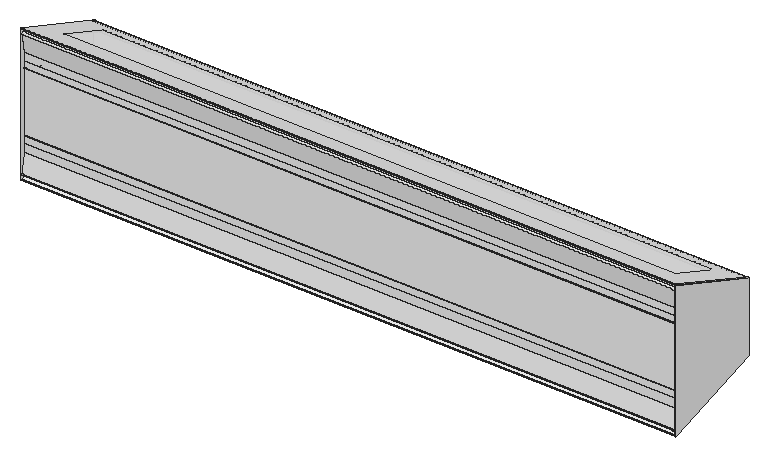
Revit family "VRW-3591", category Lighting Fixtures, host Wall, Revit 2019
Family settings
  Host = Wall
  Round Connector Dimension = Use Diameter
  Part Type = Normal
  OmniClass Number = 23.80.70.00
  OmniClass Title = Lighting
  Always vertical = Yes
  Cut with Voids When Loaded = No
  Light Source = Yes
  Shared = No
  Room Calculation Point = No
Parameters (values of type "VRW-3591-48-LED840K50LUNV-P48P13")
  Width = 0' - 10 1/2"
  Wattage = 44 W
  built-in parameter 1150110 = 1 (stored number, unit not read)
  Voltage = 120 V
  URL = "https://viscor.com/products/vrw-3591"
  built-in parameter 1114217 = 0.9 (stored number, unit not read)
  Tilt Angle = 0.00° - 180.00°  # -180.00°
  built-in parameter 1150109 = 1 (stored number, unit not read)
  built-in parameter 1150134 = 12
  built-in parameter 1150113 = 1 (stored number, unit not read)
  Photometric Web File = "VRW-3591-48-LED840K50LUNV-P48P13.ies"
  Model = "VRW-3591"  # constant formula
  Manufacturer = "CERTOLUX by VISCOR"  # constant formula
  Lumens = 3740 lm
  built-in parameter 1150115 = 1 (stored number, unit not read)
  built-in parameter 1150105 = 297.62 (stored number, unit not read)
  built-in parameter 1150137 = (empty or 0)
  built-in parameter 1150139 = (empty or 0)
  Lens Finish = Polycarbonate - Viscor - Clear
  Length = 4' - 2 83/128"
  Lamp Wattage = 44 VA
  built-in parameter 1150112 = 1 (stored number, unit not read)
  built-in parameter 1150114 = 1 (stored number, unit not read)
  Lamp = "LED"  # constant formula
  built-in parameter 1150132 = (empty or 0)
  built-in parameter 1150102 = (empty or 0)
  built-in parameter 1150138 = (empty or 0)
  built-in parameter 1150107 = 4000 (stored number, unit not read)
  built-in parameter 1150106 = 2.9762 (stored number, unit not read)
  Housing Finish = Metal - Viscor - White
  Emit from Line Length = Length  # 4' - 2 83/128"
  built-in parameter 1150104 = 7.8968 (stored number, unit not read)
  Dimming Lamp Color Temperature Shift = <None>
  Description = "LED Vandal Resistant Wall Mount"  # constant formula
  Color Filter = 16777215
  built-in parameter 1114218 = 1 (stored number, unit not read)
  built-in parameter 1150133 = 10 (stored number, unit not read)
  Assembly Code = "D5020200"
  Apparent Load = Lamp Wattage  # 44 VA
Types (3): name | Wattage | Photometric Web File | Lumens | built-in parameter 1150105 | Lamp Wattage | built-in parameter 1150106 | Apparent Load
  (no name) | 44 W | "VRW-3591-48-LED840K50LUNV-P48P13.ies" | 3740 lm | 297.62 (stored number, unit not read) | 44 VA | 2.9762 (stored number, unit not read) | 44 VA
  VRW-3591-48-LED840K40LUNV-P48P13 | 36 W | "VRW-3591-48-LED840K40LUNV-P48P13.ies" | 3060 lm | 243.51 (stored number, unit not read) | 36 VA | 2.4351 (stored number, unit not read) | 36 VA
  VRW-3591-48-LED840K50LUNV-P48P13 | 44 W | "VRW-3591-48-LED840K50LUNV-P48P13.ies" | 3740 lm | 297.62 (stored number, unit not read) | 44 VA | 2.9762 (stored number, unit not read) | 44 VA
Reference planes (in)
  plane 1: y = 0
  plane 2 "Light Source Axis (F/B)": y = 7.03125
  plane 3 "Light Source Axis (L/R)": x = -1.43133
  plane 4 "Light Source Elevation": z = 77.7706
  plane 5: z = 83.0206
  plane 6: z = 72.5206
  plane 7: x = 23.89289
  plane 8: x = -26.75554
  plane 9: x = -26.68154
  plane 10: x = 23.81889
  plane 11: x = 22.19389
  plane 12: x = -25.05654
  plane 13: x = 22.44289
  plane 14: x = -25.30554
Forms (in)
  Extrusion 1, solid, material "Metal - Viscor - White" <- "Housing Finish"
    sketch origin (-1.43133, 0, 0) x (0, -1, 0) y (0, 0, 1)
      loop
        line (-3.11676, 82.76137) -> (-4.26723, 82.34263) -> (-4.25082, 82.29753) -> (-3.10034, 82.71627)
        arc (-3.10034, 82.71627) -> (-3.06193, 82.70949) -> (-3.04859, 82.67285) r 0.039
        line (-3.04859, 82.67285) -> (-3.29315, 81.28586) -> (-3.29315, 74.34428) -> (-3.04859, 72.9573)
        arc (-3.04859, 72.9573) -> (-3.06193, 72.92065) -> (-3.10034, 72.91388) r 0.039
        line (-3.10034, 72.91388) -> (-4.25082, 73.33262) -> (-4.26723, 73.28751) -> (-3.11676, 72.86878)
        arc (-3.11676, 72.86878) -> (-3.03108, 72.88388) -> (-3.00132, 72.96564) r 0.087
        line (-3.00132, 72.96564) -> (-3.24515, 74.34848) -> (-3.24515, 81.28166) -> (-3.00132, 82.66451)
        arc (-3.00132, 82.66451) -> (-3.03108, 82.74626) -> (-3.11676, 82.76137) r 0.087
    from -25.25022 to 25.25022
  Extrusion 2, solid, material "Metal - Viscor - White" <- "Housing Finish"
    sketch origin (-1.43133, 0, 0) x (0, -1, 0) y (0, 0, 1)
      loop
        line (-3, 72.56077) -> (-3, 82.98042) -> (-9.962, 80.44646) -> (-9.962, 75.09473) -> (-3, 72.56077)
    from 25.25022 to 25.32422
  Extrusion 3, solid, material "Metal - Viscor - White" <- "Housing Finish"
    sketch origin (-1.43133, 0, 0) x (0, -1, 0) y (0, 0, -1)
      loop
        line (-3, -72.56077) -> (-9.962, -75.09473) -> (-9.962, -80.44646) -> (-3, -82.98042) -> (-3, -72.56077)
    from 25.25022 to 25.32422
  Extrusion 4, solid, material "Metal - Viscor - White" <- "Housing Finish"
    sketch origin (-1.43133, 0, 0) x (0, -1, 0) y (0, 0, 1)
      loop
        line (-10, 80.44565) -> (-10, 75.19528)
        arc (-10, 75.19528) -> (-9.98011, 75.13219) -> (-9.92762, 75.09191) r 0.11
        line (-9.92762, 75.09191) -> (-3, 72.57047) -> (-2.97948, 72.62685) -> (-9.9071, 75.1483)
        arc (-9.9071, 75.1483) -> (-9.93096, 75.1666) -> (-9.94, 75.19528) r 0.05
        line (-9.94, 75.19528) -> (-9.94, 80.44565)
        arc (-9.94, 80.44565) -> (-9.93096, 80.47433) -> (-9.9071, 80.49264) r 0.05
        line (-9.9071, 80.49264) -> (-2.97948, 83.01408) -> (-3, 83.07047) -> (-9.92762, 80.54902)
        arc (-9.92762, 80.54902) -> (-9.98011, 80.50874) -> (-10, 80.44565) r 0.11
    from -25.25022 to 25.25022
  Extrusion 5, solid, material "Metal - Viscor - White" <- "Housing Finish"
    sketch origin (-1.43133, 0, 0) x (0, -1, 0) y (0, 0, 1)
      loop
        arc (-9.46531, 77.92952) -> (-9.51071, 77.86468) -> (-9.46531, 77.79984) r 0.069
        line (-9.46531, 77.79984) -> (-3.26337, 75.54252)
        arc (-3.26337, 75.54252) -> (-3.24477, 75.52824) -> (-3.23771, 75.50587) r 0.039
        line (-3.23771, 75.50587) -> (-3.23771, 75.03318) -> (-3.20646, 75.03318) -> (-3.20646, 75.50587)
        arc (-3.20646, 75.50587) -> (-3.21917, 75.54616) -> (-3.25269, 75.57188) r 0.07025
        line (-3.25269, 75.57188) -> (-9.45463, 77.8292)
        arc (-9.45463, 77.8292) -> (-9.47946, 77.86468) -> (-9.45463, 77.90015) r 0.03775
        line (-9.45463, 77.90015) -> (-3.25269, 80.15747)
        arc (-3.25269, 80.15747) -> (-3.21917, 80.18319) -> (-3.20646, 80.22349) r 0.07025
        line (-3.20646, 80.22349) -> (-3.20646, 80.69618) -> (-3.23771, 80.69618) -> (-3.23771, 80.22349)
        arc (-3.23771, 80.22349) -> (-3.24477, 80.20112) -> (-3.26337, 80.18684) r 0.039
        line (-3.26337, 80.18684) -> (-9.46531, 77.92952)
    from -25.25022 to 25.25022
  Extrusion 6, solid, material "Metal - Viscor - White" <- "Housing Finish"
    sketch origin (-1.43133, 0, 0) x (0, -1, 0) y (0, 0, 1)
      loop
        line (-5.17142, 79.49237) -> (-4.74237, 79.64853)
        arc (-4.74237, 79.64853) -> (-4.71279, 79.67123) -> (-4.70157, 79.70679) r 0.062
        line (-4.70157, 79.70679) -> (-4.70157, 81.16338) -> (-4.73282, 81.16338) -> (-4.73282, 79.70679)
        arc (-4.73282, 79.70679) -> (-4.73838, 79.68915) -> (-4.75306, 79.67789) r 0.03075
        line (-4.75306, 79.67789) -> (-5.18211, 79.52173) -> (-5.17142, 79.49237)
      loop
        line (-6.75856, 78.91469) -> (-6.76925, 78.94406) -> (-7.1983, 78.7879)
        arc (-7.1983, 78.7879) -> (-7.21678, 78.78709) -> (-7.23237, 78.79703) r 0.03075
        line (-7.23237, 78.79703) -> (-8.16865, 79.91284) -> (-8.19259, 79.89275) -> (-7.25631, 78.77694)
        arc (-7.25631, 78.77694) -> (-7.22486, 78.75691) -> (-7.18761, 78.75853) r 0.062
        line (-7.18761, 78.75853) -> (-6.75856, 78.91469)
    from -25.25022 to 25.25022
  Extrusion 7, solid, material "Metal - Viscor - White" <- "Housing Finish"
    sketch origin (-1.43133, 0, 0) x (0, -1, 0) y (0, 0, 1)
      loop
        arc (-7.18761, 76.97082) -> (-7.22486, 76.97245) -> (-7.25631, 76.95242) r 0.062
        line (-7.25631, 76.95242) -> (-8.19259, 75.83661) -> (-8.16865, 75.81652) -> (-7.23237, 76.93233)
        arc (-7.23237, 76.93233) -> (-7.21678, 76.94227) -> (-7.1983, 76.94146) r 0.03075
        line (-7.1983, 76.94146) -> (-6.76925, 76.7853) -> (-6.75856, 76.81466) -> (-7.18761, 76.97082)
      loop
        line (-4.74237, 76.08083) -> (-5.17142, 76.23699) -> (-5.18211, 76.20762) -> (-4.75306, 76.05146)
        arc (-4.75306, 76.05146) -> (-4.73838, 76.0402) -> (-4.73282, 76.02257) r 0.03075
        line (-4.73282, 76.02257) -> (-4.73282, 74.56598) -> (-4.70157, 74.56598) -> (-4.70157, 76.02257)
        arc (-4.70157, 76.02257) -> (-4.71279, 76.05813) -> (-4.74237, 76.08083) r 0.062
    from -25.25022 to 25.25022
  Extrusion 8, void
    sketch origin (-1.43133, 0, 0) x (0, -1, 0) y (0, 0, 1)
      loop
        line (-8.87308, 73.08324) -> (-5.11431, 73.08324) -> (-5.11431, 74.91723) -> (-8.87308, 74.91723) -> (-8.87308, 73.08324)
    from -23.62522 to 23.62522
  Extrusion 9, void
    sketch origin (-1.43133, 0, 155.54119) x (0, -1, 0) y (0, 0, 1)
      loop
        line (-8.87308, -73.08324) -> (-8.87308, -74.91723) -> (-5.11431, -74.91723) -> (-5.11431, -73.08324) -> (-8.87308, -73.08324)
    from -23.62522 to 23.62522
  Extrusion 10, solid, material "Polycarbonate - Viscor - Clear" <- "Lens Finish"
    sketch origin (-1.43133, 0, 0) x (0, -1, 0) y (0, 0, 1)
      loop
        line (-9.08064, 74.86877) -> (-4.85202, 73.32968) -> (-4.76652, 73.5646) -> (-8.99514, 75.1037) -> (-9.08064, 74.86877)
    from -24.28116 to 24.06867
  Extrusion 11, solid, material "Polycarbonate - Viscor - Clear" <- "Lens Finish"
    sketch origin (-1.43133, 0, 0) x (0, -1, 0) y (0, 0, 1)
      loop
        line (-4.85202, 82.31125) -> (-9.08064, 80.77216) -> (-8.99514, 80.53724) -> (-4.76652, 82.07633) -> (-4.85202, 82.31125)
    from -24.28116 to 24.06867
Cuts and joins
  Extrusion 8, Extrusion 9 cuts Extrusion 4
  Extrusion 8 cuts Extrusion 5
  Extrusion 8 cuts Extrusion 6
  Extrusion 8 cuts Extrusion 7
Text (in)
  text "Placement Side" at (0, 40.15149, 123.01588), in view "Right"
  text "Placement Side" at (-70.3804, 28.46503, 0), in view "Ref. Level"
  text "Placement Side" at (0, 85.69064, 140.59947), in view "Left"
Dimensions and locks (in)
  equal spacing: plane 8, plane 3 "Light Source Axis (L/R)", plane 7
  equal spacing: plane 6, plane 4 "Light Source Elevation", plane 5
  "Length": plane 8 to plane 7
  "Width": plane 6 to plane 5
  locked: plane 10 to plane 7 at 0.074
  locked: plane 8 to plane 9 at 0.074
  locked: plane 11 to plane 10 at 1.625
  locked: plane 9 to plane 12 at 1.625
  locked: plane 13 to plane 7 at 1.45
  locked: plane 8 to plane 14 at 1.45
  aligned: level to host wall
  aligned and locked: plane 3 "Light Source Axis (L/R)" to imposter light
  aligned and locked: plane 2 "Light Source Axis (F/B)" to imposter light
  aligned and locked: plane 4 "Light Source Elevation" to imposter light
  aligned and locked: Extrusion 1 to plane 10
  aligned and locked: plane 9 to Extrusion 1
  aligned and locked: plane 8 to Extrusion 2
  aligned and locked: Extrusion 2 to plane 9
  aligned and locked: Extrusion 3 to plane 7
  aligned and locked: plane 10 to Extrusion 3
  aligned and locked: Extrusion 4 to plane 10
  aligned and locked: plane 9 to Extrusion 4
  aligned and locked: plane 9 to Extrusion 5
  aligned and locked: Extrusion 5 to plane 10
  aligned and locked: Extrusion 6 to plane 10
  aligned and locked: plane 9 to Extrusion 6
  aligned and locked: Extrusion 7 to plane 10
  aligned and locked: plane 9 to Extrusion 7
  aligned and locked: cut or joined group of Extrusion 4, Extrusion 8, Extrusion 9 to plane 11
  aligned and locked: plane 12 to cut or joined group of Extrusion 4, Extrusion 8, Extrusion 9
Automatic sketch dimensions
  Extrusion 1 sketch curve to Extrusion 1 sketch curve = 0' - 0"  (x4)
  host wall to Extrusion 1 sketch curve = 0' - 1.26723"  (x2)
  plane 6 to Extrusion 1 sketch curve = 0' - 0.81203"
  Extrusion 1 sketch curve to Extrusion 1 sketch curve = 0' - 0.01642"  (x4)
  Extrusion 1 sketch curve to plane 5 = 0' - 0.72307"
  host wall to Extrusion 1 sketch curve = 0' - 0.29315"
  Extrusion 1 sketch curve to Extrusion 1 sketch curve = 0' - 0.048"
  host wall to Extrusion 1 sketch curve = 0' - 0.11676"  (x2)
  Extrusion 1 sketch curve to Extrusion 1 sketch curve = 0' - 0.01334"  (x2)
  Extrusion 1 sketch curve to Extrusion 1 sketch curve = 0' - 0.03841"  (x2)
  host wall to Extrusion 1 sketch curve = 0' - 0.00132"  (x2)
  Extrusion 1 sketch curve to Extrusion 1 sketch curve = 0' - 0.04511"  (x2)
  Extrusion 1 sketch curve to Extrusion 1 sketch curve = 0' - 0.05176"  (x2)
  Extrusion 1 sketch curve to Extrusion 1 sketch curve = 0' - 1.01166"
  Extrusion 1 sketch curve to Extrusion 1 sketch curve = 0' - 0.0042"  (x2)
  Extrusion 1 sketch curve to Extrusion 1 sketch curve = 0' - 1.01586"
  Extrusion 2 sketch curve to host wall = 0' - 0"
  Extrusion 2 sketch curve to plane 2 "Light Source Axis (F/B)" = 0' - 2.93075"
  plane 6 to Extrusion 2 sketch curve = 0' - 0.04017"
  plane 6 to Extrusion 2 sketch curve = 0' - 2.57413"
  Extrusion 2 sketch curve to plane 5 = 0' - 2.57413"
  Extrusion 2 sketch curve to plane 5 = 0' - 0.04017"
  Extrusion 3 sketch curve to host wall = 0' - 0"
  Extrusion 3 sketch curve to plane 2 "Light Source Axis (F/B)" = 0' - 2.93075"
  Extrusion 3 sketch curve to plane 5 = 0' - 0.04017"
  Extrusion 3 sketch curve to plane 5 = 0' - 2.57413"
  plane 6 to Extrusion 3 sketch curve = 0' - 2.57413"
  plane 6 to Extrusion 3 sketch curve = 0' - 0.04017"
  Extrusion 4 sketch curve to Extrusion 4 sketch curve = 0' - 0"  (x4)
  Extrusion 4 sketch curve to host wall = 0' - 0"  (x2)
  Extrusion 4 sketch curve to plane 2 "Light Source Axis (F/B)" = 0' - 2.85875"  (x2)
  Extrusion 4 sketch curve to Extrusion 4 sketch curve = 0' - 0.0171"  (x2)
  Extrusion 4 sketch curve to Extrusion 4 sketch curve = 0' - 0.02052"  (x3)
  Extrusion 4 sketch curve to Extrusion 4 sketch curve = 0' - 0.05"
  Extrusion 4 sketch curve to Extrusion 4 sketch curve = 0' - 0.06"
  Extrusion 4 sketch curve to plane 5 = 0' - 0.00651"
  Extrusion 4 sketch curve to host wall = 0' - 0.02052"
  plane 4 "Light Source Elevation" to Extrusion 4 sketch curve = 0' - 2.57531"
  Extrusion 5 sketch curve to Extrusion 5 sketch curve = 0' - 0"  (x7)
  Extrusion 5 sketch curve to plane 4 "Light Source Elevation" = 0' - 0.15892"
  Extrusion 5 sketch curve to plane 2 "Light Source Axis (F/B)" = 0' - 2.43406"
  Extrusion 5 sketch curve to plane 4 "Light Source Elevation" = 0' - 0.02924"
  Extrusion 5 sketch curve to plane 4 "Light Source Elevation" = 0' - 0 15/256"
  Extrusion 5 sketch curve to Extrusion 5 sketch curve = 0' - 0.01069"  (x3)
  Extrusion 5 sketch curve to plane 4 "Light Source Elevation" = 0' - 0.12956"
  Extrusion 5 sketch curve to Extrusion 5 sketch curve = 0' - 0.01291"
  host wall to Extrusion 5 sketch curve = 0' - 0.27671"  (x2)
  Extrusion 5 sketch curve to Extrusion 5 sketch curve = 0' - 0.01334"  (x2)
  Extrusion 5 sketch curve to Extrusion 5 sketch curve = 0' - 0.039"
  host wall to Extrusion 5 sketch curve = 0' - 0.23771"
  Extrusion 5 sketch curve to Extrusion 5 sketch curve = 0' - 0 1/32"  (x2)
  plane 4 "Light Source Elevation" to Extrusion 5 sketch curve = 0' - 2.19871"
  Extrusion 5 sketch curve to Extrusion 5 sketch curve = 0' - 0.47269"  (x2)
  Extrusion 5 sketch curve to plane 4 "Light Source Elevation" = 0' - 2.38688"
  Extrusion 6 sketch curve to Extrusion 6 sketch curve = 0' - 0"  (x4)
  Extrusion 6 sketch curve to plane 2 "Light Source Axis (F/B)" = 0' - 1.16134"
  Extrusion 6 sketch curve to Extrusion 6 sketch curve = 0' - 0.02394"  (x2)
  Extrusion 6 sketch curve to plane 2 "Light Source Axis (F/B)" = 0' - 0.22506"
  Extrusion 6 sketch curve to Extrusion 6 sketch curve = 0' - 0.02356"
  Extrusion 6 sketch curve to Extrusion 6 sketch curve = 0' - 0.01052"  (x2)
  Extrusion 6 sketch curve to Extrusion 6 sketch curve = 0' - 0.01069"  (x4)
  plane 2 "Light Source Axis (F/B)" to Extrusion 6 sketch curve = 0' - 0.262"
  Extrusion 6 sketch curve to Extrusion 6 sketch curve = 0' - 1.58714"
  Extrusion 6 sketch curve to plane 4 "Light Source Elevation" = 0' - 1.72177"
  Extrusion 6 sketch curve to Extrusion 6 sketch curve = 0' - 0.41853"
  Extrusion 6 sketch curve to Extrusion 6 sketch curve = 0' - 0.03075"
  Extrusion 6 sketch curve to Extrusion 6 sketch curve = 0' - 0 1/32"
  Extrusion 6 sketch curve to plane 4 "Light Source Elevation" = 0' - 1.17346"
  Extrusion 6 sketch curve to Extrusion 6 sketch curve = 0' - 0.02937"
  Extrusion 6 sketch curve to Extrusion 6 sketch curve = 0' - 0.0289"
  Extrusion 6 sketch curve to Extrusion 6 sketch curve = 0' - 1.45659"
  Extrusion 7 sketch curve to Extrusion 7 sketch curve = 0' - 0"  (x4)
  Extrusion 7 sketch curve to plane 2 "Light Source Axis (F/B)" = 0' - 1.16134"
  Extrusion 7 sketch curve to Extrusion 7 sketch curve = 0' - 0.02394"  (x2)
  Extrusion 7 sketch curve to plane 2 "Light Source Axis (F/B)" = 0' - 0.22506"
  Extrusion 7 sketch curve to Extrusion 7 sketch curve = 0' - 0.02356"
  Extrusion 7 sketch curve to Extrusion 7 sketch curve = 0' - 0.01052"  (x2)
  Extrusion 7 sketch curve to Extrusion 7 sketch curve = 0' - 0.01069"  (x4)
  plane 2 "Light Source Axis (F/B)" to Extrusion 7 sketch curve = 0' - 0.262"
  Extrusion 7 sketch curve to Extrusion 7 sketch curve = 0' - 1.58714"
  plane 4 "Light Source Elevation" to Extrusion 7 sketch curve = 0' - 1.53361"
  Extrusion 7 sketch curve to Extrusion 7 sketch curve = 0' - 0.41853"
  Extrusion 7 sketch curve to Extrusion 7 sketch curve = 0' - 0.03075"
  Extrusion 7 sketch curve to Extrusion 7 sketch curve = 0' - 0 1/32"
  plane 4 "Light Source Elevation" to Extrusion 7 sketch curve = 0' - 1.93399"
  Extrusion 7 sketch curve to Extrusion 7 sketch curve = 0' - 0.02009"
  Extrusion 7 sketch curve to Extrusion 7 sketch curve = 0' - 1.45659"
  Extrusion 7 sketch curve to Extrusion 7 sketch curve = 0' - 0.14703"
  Extrusion 8 sketch curve to plane 2 "Light Source Axis (F/B)" = 0' - 1.84183"
  plane 2 "Light Source Axis (F/B)" to Extrusion 8 sketch curve = 0' - 1.91694"
  plane 6 to Extrusion 8 sketch curve = 0' - 0.56265"
  Extrusion 8 sketch curve to Extrusion 8 sketch curve = 0' - 1.83398"
  plane 2 "Light Source Axis (F/B)" to Extrusion 9 sketch curve = 0' - 1.84183"
  Extrusion 9 sketch curve to plane 2 "Light Source Axis (F/B)" = 0' - 1.91694"
  plane 5 to Extrusion 9 sketch curve = 0' - 0.56265"
  Extrusion 9 sketch curve to Extrusion 9 sketch curve = 0' - 1.83398"
  Extrusion 10 sketch curve to plane 2 "Light Source Axis (F/B)" = 0' - 2.04939"
  Extrusion 10 sketch curve to Extrusion 10 sketch curve = 0' - 0.08551"
  plane 6 to Extrusion 10 sketch curve = 0' - 0.80909"
  host wall to Extrusion 10 sketch curve = 0' - 1.85202"
  plane 6 to Extrusion 10 sketch curve = 0' - 1.04401"
  Extrusion 11 sketch curve to plane 2 "Light Source Axis (F/B)" = 0' - 2.04939"
  Extrusion 11 sketch curve to Extrusion 11 sketch curve = 0' - 0.08551"
  Extrusion 11 sketch curve to plane 5 = 0' - 0.70934"
  host wall to Extrusion 11 sketch curve = 0' - 1.85202"
  Extrusion 11 sketch curve to plane 5 = 0' - 0.94427"
Connectors (in)
  electrical at (-1.5, 7.03125, 77.7706), driven by "Voltage", driven by "Lamp Wattage"
    settings: index 1, voltage 120 V, apparent load 0 VA, apparent load phase1 44 VA, apparent load phase2 0 VA, apparent load phase3 0 VA, power factor 1, load classification "Other", number of poles 1, system type 31, power factor state 1, is connector primary yes, connector utility no, sub classification motor no, connector description ""
